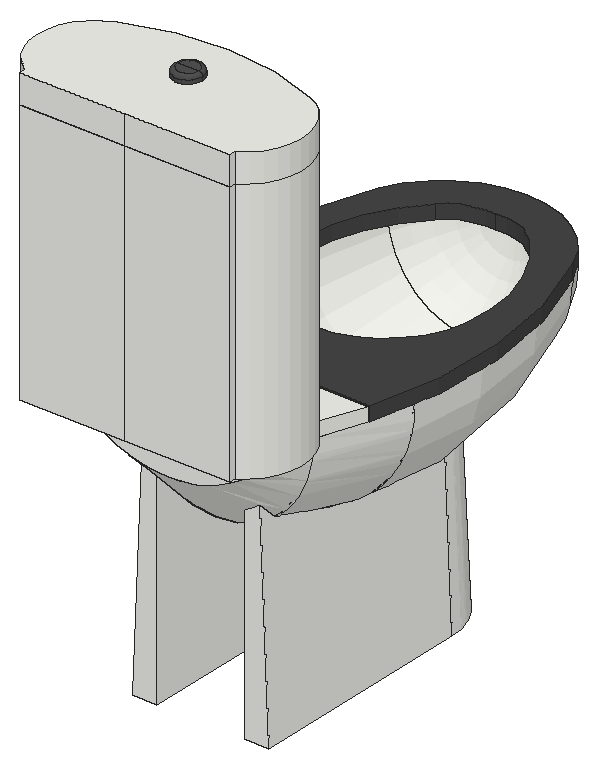
Revit family
Parameters (values of type "540 x 360mm")
  Material Seat = Plastic - Black
  Material SanitaryWare = Porcelain
  Manufacturer = "Revit"
  Assembly Code = ""
Reference planes
  plane 1 "Center (Front/Back)": y = 0
  plane 2: z = 0
  plane 3 "Center (Left/Right)": x = 0
  plane 4 "Seat Top": z = 410
Forms (mm)
  Revolve 1, solid, material "Porcelain" <- "Material SanitaryWare"
    sketch origin (-0.001, 162.875, 390) x (-1, 0, 0) y (0, -1, 0)
      loop
        arc (-174.247, -124.9) -> (-179.514, -290.639) -> (-135.875, -450.617) r 558.391
        arc (-135.875, -450.617) -> (-81.121, -515.376) -> (0, -540.098) r 150.021
        line (0, -540.098) -> (0, -520.097)
        arc (0, -520.097) -> (-70.198, -498.622) -> (-117.576, -442.547) r 130.021
        arc (-117.576, -442.547) -> (-159.862, -286.482) -> (-153.903, -124.9) r 538.391
        line (-153.903, -124.9) -> (-174.247, -124.9)
      axis (0, -540.098) -> (0, -124.9)
    angle from 0 to 180
  Extrusion 2, solid, material "Plastic - Black" <- "Material Seat"
    sketch origin (-0.001, 162.875, 410) x (-1, 0, 0) y (0, -1, 0)
      loop
        arc (-135.875, -450.617) -> (-81.121, -515.376) -> (0, -540.098) r 150.021
        arc (0, -540.098) -> (81.121, -515.376) -> (135.875, -450.617) r 150.021
        arc (135.875, -450.617) -> (182.253, -260.283) -> (160.035, -65.644) r 558.391
        line (160.035, -65.644) -> (-160.035, -65.644)
        arc (-160.035, -65.644) -> (-182.253, -260.283) -> (-135.875, -450.617) r 558.391
      loop
        arc (0, -164.798) -> (-83.195, -195.45) -> (-126.613, -272.753) r 128.221
        arc (-126.613, -272.753) -> (-119.024, -374.181) -> (-66.602, -461.341) r 219.88
        arc (-66.602, -461.341) -> (-36.05, -480.987) -> (0, -485.429) r 81.602
        arc (0, -485.429) -> (36.05, -480.987) -> (66.602, -461.341) r 81.602
        arc (66.602, -461.341) -> (119.024, -374.181) -> (126.613, -272.753) r 219.88
        arc (126.613, -272.753) -> (115.473, -237.275) -> (94.621, -206.485) r 128.221
        arc (94.621, -206.485) -> (51.698, -175.681) -> (0, -164.798) r 128.221
    from -20 to 0
  Blend 3, solid, material "Porcelain" <- "Material SanitaryWare"
    base sketch origin (-0.001, 287.775, 390) x (0, 0, -1) y (1, 0, 0)
      loop
        line (0, 174.247) -> (0, -174.247)
        arc (0, -174.247) -> (174.247, 0) -> (0, 174.247) r 174.247
    top sketch origin (-0.001, 287.775, 390) x (0, 0, -1) y (1, 0, 0)
      loop
        line (0, 135.875) -> (0, -135.875)
        spline (0, -135.875) -> (37.529, -131.246) -> (72.5, -117.672) -> (102.53, -96.078) -> (125.574, -67.938) -> (140.059, -35.167) -> (145, 0) -> (140.059, 35.167) -> (125.574, 67.938) -> (102.53, 96.078) -> (72.5, 117.672) -> (37.529, 131.246) -> (0, 135.875)
    from 0 to 129.257
  Extrusion 4, solid, material "Porcelain" <- "Material SanitaryWare"
    sketch origin (-0.001, 162.875, 410) x (-1, 0, 0) y (0, -1, 0)
      loop
        line (0, 162.875) -> (-146.877, 162.875) -> (-146.877, 153.955)
        arc (-146.877, 153.955) -> (-185.074, 77.593) -> (-135.217, 8.279) r 82.528
        arc (-135.217, 8.279) -> (0, -19.38) -> (135.217, 8.279) r 344.338
        arc (135.217, 8.279) -> (185.074, 77.593) -> (146.877, 153.955) r 82.528
        line (146.877, 153.955) -> (146.877, 162.875) -> (0, 162.875)
    from 0 to 370
  Extrusion 5, solid, material "Porcelain" <- "Material SanitaryWare"
    sketch origin (-0.001, 162.875, 770) x (-1, 0, 0) y (0, -1, 0)
      loop
        line (0, 162.875) -> (-146.877, 162.875) -> (-146.877, 153.955)
        arc (-146.877, 153.955) -> (-185.074, 77.593) -> (-135.217, 8.279) r 82.528
        arc (-135.217, 8.279) -> (0, -19.38) -> (135.217, 8.279) r 344.338
        arc (135.217, 8.279) -> (185.074, 77.593) -> (146.877, 153.955) r 82.528
        line (146.877, 153.955) -> (146.877, 162.875) -> (0, 162.875)
    from 10 to 50
  Sweep 6, solid, material "Porcelain" <- "Material SanitaryWare"
    path origin (-0.001, 162.875, 0) x (-1, 0, 0) y (0, -1, 0)
      loop
        line (-81.095, 30.427) -> (-81.095, -289.573)
        arc (-81.095, -289.573) -> (0, -370.668) -> (81.095, -289.573) r 81.095
        line (81.095, -289.573) -> (81.095, 30.427)
    profile origin (0, 292.447, 0) x (-1, 0, 0) y (0, 0, 1)
      loop
        line (-94.999, 0) -> (-61.095, 0) -> (-61.095, 325.717) -> (-81.095, 325.717) -> (-94.999, 0)
  Blend 7, solid, material "Porcelain" <- "Material SanitaryWare"
    base sketch origin (-0.001, 158.518, 390) x (0, 0, -1) y (1, 0, 0)
      loop
        arc (0, -135.875) -> (143.585, 0) -> (0, 135.875) r 136.082
        line (0, 135.875) -> (0, -135.875)
    top sketch origin (-0.001, 158.518, 390) x (0, 0, -1) y (1, 0, 0)
      loop
        arc (0, -132.482) -> (58.66, 0) -> (0, 132.482) r 178.934
        line (0, 132.482) -> (0, -132.482)
    from 0 to 83.067
  Revolve 8, void
    sketch origin (-0.001, 162.875, 390) x (-1, 0, 0) y (0, -1, 0)
      loop
        arc (-133.932, 4.356) -> (-183.344, -222.923) -> (-135.875, -450.617) r 558.391
        arc (-135.875, -450.617) -> (-81.121, -515.376) -> (0, -540.098) r 150.021
        line (0, -540.098) -> (0, 4.356) -> (-133.932, 4.356)
      axis (0, -540.098) -> (0, 4.356)
    angle from 0 to 180
  Revolve 9, solid, material "Metal - Chrome", detail levels medium+fine
    sketch origin (-0.001, 110.416, 0) x (-1, 0, 0) y (0, 0, 1)
      loop
        line (0, 820) -> (0, 830) -> (-15, 830)
        arc (-15, 830) -> (-18.536, 828.536) -> (-20, 825) r 5
        line (-20, 825) -> (-20, 820) -> (0, 820)
      axis (0, 830) -> (0, 820)
    angle from 0 to 360
  Extrusion 10, solid, material "Porcelain" <- "Material SanitaryWare"
    sketch origin (-0.001, 0, 0) x (-1, 0, 0) y (0, -1, 0)
      loop
        arc (-132.482, -155.332) -> (-147.059, -190.166) -> (-159.249, -225.906) r 558.391
        line (-159.249, -225.906) -> (159.249, -225.906)
        arc (159.249, -225.906) -> (147.059, -190.166) -> (132.482, -155.332) r 558.391
        line (132.482, -155.332) -> (132.482, -75.451) -> (0, -75.451) -> (-132.482, -75.451) -> (-132.482, -155.332)
    from 390 to 410
Cuts and joins
  Revolve 8 cuts Sweep 6
  joined: Revolve 1, Blend 3, Sweep 6, Blend 7, Extrusion 10
Lines and regions (mm)
  Masking region 1
    outline origin (-0.001, 0, 410) x (1, 0, 0) y (0, 1, 0)
      loop
        arc (-135.875, 613.491) -> (-182.365, 421.32) -> (-158.971, 224.994) r 558.391
        arc (-158.971, 224.994) -> (-146.952, 189.884) -> (-132.628, 155.649) r 558.391
        arc (-132.628, 155.649) -> (-184.951, 86.674) -> (-146.877, 8.92) r 82.528
        line (-146.877, 8.92) -> (-146.877, 0) -> (146.877, 0) -> (146.877, 8.92)
        arc (146.877, 8.92) -> (184.951, 86.674) -> (132.628, 155.649) r 82.528
        arc (132.628, 155.649) -> (147.41, 191.094) -> (159.722, 227.472) r 558.391
        arc (159.722, 227.472) -> (182.286, 422.612) -> (135.875, 613.491) r 558.391
        arc (135.875, 613.491) -> (81.121, 678.25) -> (0, 702.973) r 150.021
        arc (0, 702.973) -> (-81.121, 678.25) -> (-135.875, 613.491) r 150.021
  symbolic lines, detail levels medium+fine
    curve 1: arc (-21.531, 111.292, 0) -> (-0.646, 90.406, 0) -> (20.239, 111.292, 0) r 20.885
    curve 2: arc (20.239, 111.292, 0) -> (-0.646, 132.177, 0) -> (-21.531, 111.292, 0) r 20.885
    curve 9: arc (80.999, 265.414, 0) -> (73.169, 257.584, 0) -> (65.339, 265.414, 0) r 7.83
    curve 10: arc (80.999, 265.414, 0) -> (73.169, 273.244, 0) -> (65.339, 265.414, 0) r 7.83
    curve 11: arc (-66.959, 265.414, 0) -> (-74.789, 273.244, 0) -> (-82.618, 265.414, 0) r 7.83
    curve 12: arc (-66.959, 265.414, 0) -> (-74.789, 257.584, 0) -> (-82.618, 265.414, 0) r 7.83
  symbolic lines
    curve 3: line (30.78, 418.231, 0) -> (-30.781, 418.231, 0)
    curve 4: line (-30.781, 418.231, 0) -> (-43.113, 430.563, 0)
    curve 5: arc (-43.113, 430.563, 0) -> (-56.292, 453.9, 0) -> (-55.526, 480.69, 0) r 50
    curve 6: arc (-55.526, 480.69, 0) -> (-0.002, 521.639, 0) -> (55.524, 480.693, 0) r 58.12
    curve 7: arc (55.524, 480.693, 0) -> (56.291, 453.902, 0) -> (43.112, 430.564, 0) r 50
    curve 8: line (43.112, 430.564, 0) -> (30.78, 418.231, 0)
    curve 13: arc (146.877, 8.92, 0) -> (185.073, 85.282, 0) -> (135.216, 154.595, 0) r 82.528
    curve 14: arc (135.216, 154.595, 0) -> (-0.001, 182.255, 0) -> (-135.218, 154.595, 0) r 344.338
    curve 15: arc (-135.218, 154.595, 0) -> (-185.075, 85.282, 0) -> (-146.878, 8.92, 0) r 82.528
    curve 16: line (-146.878, 8.92, 0) -> (-146.878, 0, 0)
    curve 17: line (-146.878, 0, 0) -> (0, 0, 0)
    curve 18: line (0, 0, 0) -> (146.877, 0, 0)
    curve 19: line (146.877, 0, 0) -> (146.877, 8.92, 0)
    curve 20: arc (132.482, 155.332, 0) -> (183.333, 384.048, 0) -> (135.875, 613.491, 0) r 558.391
    curve 21: arc (135.875, 613.491, 0) -> (81.12, 678.25, 0) -> (-0.001, 702.973, 0) r 150.021
    curve 22: arc (-0.001, 702.973, 0) -> (-81.121, 678.25, 0) -> (-135.876, 613.491, 0) r 150.021
    curve 23: arc (-135.876, 613.491, 0) -> (-183.334, 384.048, 0) -> (-132.483, 155.332, 0) r 558.391
    curve 24: arc (66.601, 624.216, 0) -> (119.023, 537.055, 0) -> (126.612, 435.628, 0) r 219.88
    curve 25: arc (126.612, 435.628, 0) -> (83.194, 358.324, 0) -> (-0.001, 327.673, 0) r 128.221
    curve 26: arc (-0.001, 327.673, 0) -> (-51.699, 338.556, 0) -> (-94.621, 369.359, 0) r 128.221
    curve 27: arc (-94.621, 369.359, 0) -> (-115.473, 400.149, 0) -> (-126.613, 435.628, 0) r 128.221
    curve 28: arc (-126.613, 435.628, 0) -> (-119.025, 537.055, 0) -> (-66.602, 624.216, 0) r 219.88
    curve 29: arc (-66.602, 624.216, 0) -> (-36.051, 643.862, 0) -> (-0.001, 648.304, 0) r 81.602
    curve 30: arc (-0.001, 648.304, 0) -> (36.05, 643.862, 0) -> (66.601, 624.216, 0) r 81.602
Dimensions and locks
  aligned and locked: Extrusion 2 to Revolve 1
  aligned and locked: cut or joined group of Revolve 1, Blend 3, Sweep 6, Blend 7, Revolve 8, Extrusion 10 to Extrusion 10
  aligned and locked: Extrusion 2 to Extrusion 10
  aligned: Masking region 1 sketch curve to Extrusion 5
